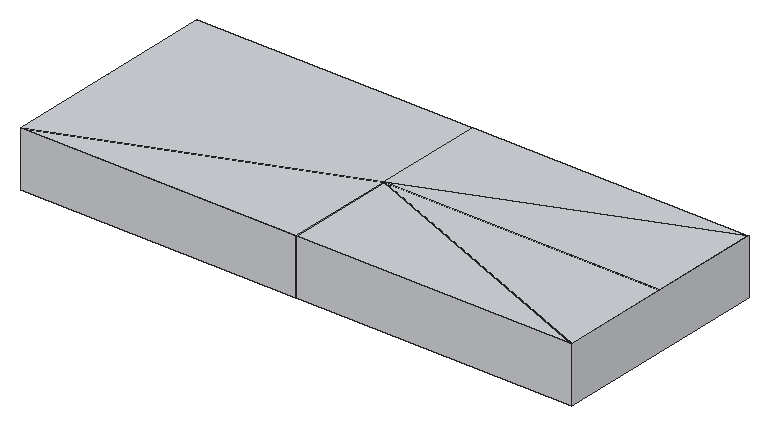
Revit family "電線管用ファミリ(片側のみ)_34", category Electrical Fixtures, Revit 2021
Family settings
  Maintain Annotation Orientation = No
  Round Connector Dimension = Use Diameter
  Part Type = Normal
  OmniClass Number = 23.80.00.00
  OmniClass Title = Electric Power and Lighting
  Work Plane-Based = No
  Always vertical = Yes
  Cut with Voids When Loaded = No
  Shared = No
  Room Calculation Point = No
Parameters
  コネクタ直径 [instance] = 16 mm
  W [instance] = 500 mm
  Default Elevation = 0 mm
  D [instance] = 200 mm
Reference planes
  plane 1 "Center (Front/Back)": y = 0
  plane 2: z = 0
  plane 3 "Center (Left/Right)": x = 0
  plane 4: x = -250
  plane 5: x = 250
  plane 6: y = 100
  plane 7: y = -100
  plane 8: z = 50
Forms (mm)
  Extrusion 1, solid
    sketch origin (0, 0, 0) x (1, 0, 0) y (0, 1, 0)
      loop
        line (-250, 100) -> (-250, -100) -> (250, -100) -> (250, 100) -> (-250, 100)
    from 0 to 50
  Extrusion 2, solid
    sketch origin (0, 0, 0) x (1, 0, 0) y (0, 1, 0)
      loop
        line (-250, 100) -> (-250, -100) -> (0, 0) -> (-250, 100)
    from 0 to 50
  Extrusion 3, solid
    sketch origin (0, 0, 0) x (1, 0, 0) y (0, 1, 0)
      loop
        line (250, 100) -> (0, 0) -> (250, -100) -> (250, 100)
    from 0 to 50
  Extrusion 4, solid
    sketch origin (0, 0, 0) x (1, 0, 0) y (0, 1, 0)
      loop
        line (-250, 0) -> (-250, -100) -> (0, -100) -> (0, 0) -> (-250, 0)
    from 0 to 50
  Extrusion 5, solid
    sketch origin (0, 0, 0) x (1, 0, 0) y (0, 1, 0)
      loop
        line (0, 100) -> (0, 0) -> (250, 0) -> (250, 100) -> (0, 100)
    from 0 to 50
Dimensions and locks
  equal spacing: plane 4, plane 3 "Center (Left/Right)", plane 5
  "W": plane 4 to plane 5
  equal spacing: plane 6, plane 1 "Center (Front/Back)", plane 7
  "D": plane 6 to plane 7
  plane 3 "Center (Left/Right)" to Extrusion 2 = 250 mm
  aligned and locked: level to plane 2
  aligned and locked: plane 8 to Extrusion 1
  aligned and locked: Extrusion 1 to plane 4
  aligned and locked: plane 6 to Extrusion 1
  aligned and locked: plane 5 to Extrusion 1
  aligned and locked: Extrusion 1 to plane 7
  aligned and locked: plane 8 to Extrusion 2
  aligned and locked: Extrusion 2 to plane 4
  aligned and locked: plane 8 to Extrusion 3
  aligned and locked: plane 5 to Extrusion 3
  aligned and locked: plane 1 "Center (Front/Back)" to Extrusion 4 sketch curve
  aligned and locked: Extrusion 4 sketch curve to Extrusion 1  (x2)
  aligned and locked: Extrusion 5 sketch curve to Extrusion 1  (x2)
  aligned and locked: plane 3 "Center (Left/Right)" to Extrusion 5 sketch curve
  aligned and locked: Extrusion 5 sketch curve to plane 1 "Center (Front/Back)"
Automatic sketch dimensions
  Extrusion 1 sketch curve to plane 4 = 0 mm
  Extrusion 1 sketch curve to plane 5 = 0 mm
  Extrusion 1 sketch curve to plane 7 = 0 mm
  plane 6 to Extrusion 1 sketch curve = 0 mm
  Extrusion 2 sketch curve to plane 4 = 0 mm
  plane 1 "Center (Front/Back)" to Extrusion 2 sketch curve = 0 mm
  Extrusion 2 sketch curve to plane 3 "Center (Left/Right)" = 0 mm
  Extrusion 2 sketch curve to plane 7 = 0 mm
  Extrusion 2 sketch curve to plane 6 = 0 mm
  plane 1 "Center (Front/Back)" to Extrusion 3 sketch curve = 0 mm
  Extrusion 3 sketch curve to plane 3 "Center (Left/Right)" = 0 mm
  Extrusion 3 sketch curve to plane 5 = 0 mm
  Extrusion 3 sketch curve to plane 7 = 0 mm
  Extrusion 3 sketch curve to plane 6 = 0 mm
  Extrusion 4 sketch curve to plane 3 "Center (Left/Right)" = 0 mm
  Extrusion 4 sketch curve to plane 7 = 0 mm
Connectors
  cabletrayconduit at (0, 0, 50), diameter 16
    settings: on Extrusion 1, index 1, connector width 300 mm, connector height 300 mm, connector angle 0.00°, system type 32, placement type 0, profile type 0, connector reference index -1, is primary connector yes, connector utility param no, connector description ""
